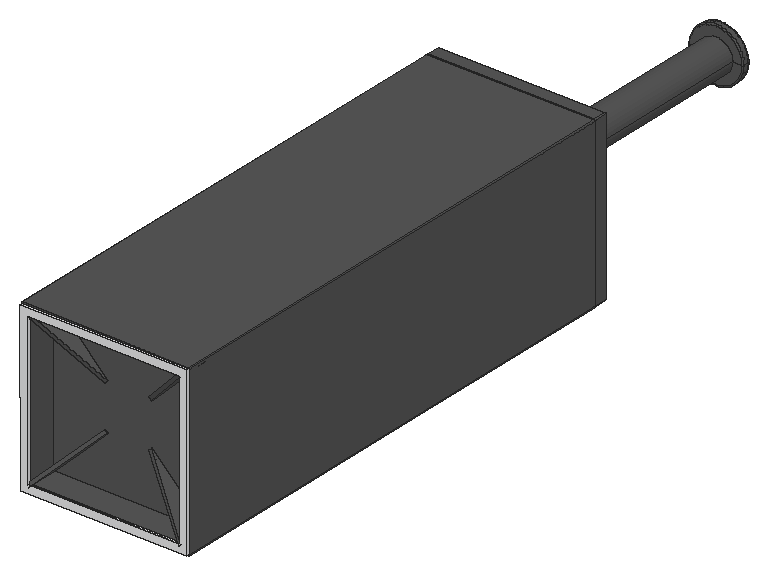
Revit family "Accessory-Toilet_Brush_Holder-KOHLER-Loure-K-11746T", category Specialty Equipment, host Face, Revit 2021
Family settings
  Host = Face
  Round Connector Dimension = Use Diameter
  Part Type = Normal
  OmniClass Number = 23.31.25.00
  OmniClass Title = Toilet and Bath Specialties
  Cut with Voids When Loaded = No
  Shared = No
  Room Calculation Point = No
Parameters (values of type "BL-Matte Black")
  Width = 3 19/128"  # constant formula
  WaterSense Certified = 1 = 0  # no
  URL = "http://www.kohler.com.cn/"
  Type = 1
  Product Page URL = ""
  Product Name = "Loure\r\n"  # constant formula
  Product Documentation Link = "https://files.kohler.com.cn/pdfs/k_11745t_47t_11582t_84t.pdf"
  Model = if(Type = 1, "K-11746T-BL", if(Type = 2, "K-11746T-BV", if(Type = 3, "K-11746T-CP", "NA")))  # "K-11746T-BL"
  Material = "Premium Metal Construction\r\n"  # constant formula
  Master Format 2014 Name = "Toilet, Bath, and Laundry Accessories"  # constant formula
  Master Format 2014 = "10 28 00"  # constant formula
  Manufacturer Address = "Kohler Beijing Office (100016) 36-2-03-B, No. 88, Liuxiang Road, Beijing"  # constant formula
  Manufacturer = "Kohler Co."  # constant formula
  Length = 3 75/256"  # constant formula
  Height = 14 57/128"  # constant formula
  Finish = Kohler-Metal-BL-Matte_Black
  Environmental Product Declaration = ""
  Description = "Toilet Brush Holder"  # constant formula
  Default Elevation = 42"
  Declare Label = ""
  Date Modified = "11/18/2022"  # constant formula
  Date Created = "11/18/2022"  # constant formula
  Copyright = "Copyright Kohler Co."  # constant formula
  Contact Us = "http://www.kohler.com.cn/contact/contact-us/"
  Assembly Code = "C1030200"
  ADA Compliant = 1 = 0  # no
Types (4): name | Type | Product Page URL | Model | Finish
  (no name) | 1 | "" | "K-11746T-BL" | Kohler-Metal-BL-Matte_Black
  BL-Matte Black | 1 | "" | "K-11746T-BL" | Kohler-Metal-BL-Matte_Black
  BV-Brushed Bronze | 2 | "" | "K-11746T-BV" | Kohler-Metal-BV-Brushed_Bronze
  CP-Polished Chrome | 3 | "https://www.kohler.com.cn/en/product/K-11746T-CP/K-11746T-CP/" | "K-11746T-CP" | Kohler-Metal-CP-Polished_Chrome
Reference planes (in)
  plane 1 "Center (Front/Back)": y = 0
  plane 2: z = 0
  plane 3 "Center (Left/Right)": x = 0
  plane 4: y = 14.44531
  plane 5: x = -1.5748
  plane 6: x = 1.57363
  plane 7: y = 9.80318
  plane 8: y = 9.82283
  plane 9: x = -0.51146
  plane 10: x = 0.31496
  plane 11: x = 0.31496
  plane 12: x = 0.51146
  plane 13: x = -0.31496
  plane 14: y = 9.5079
  plane 15: z = 1.71655
  plane 16: x = 0.3937
  plane 17: x = -0.3937
  plane 18: y = 8.7205
  plane 19: y = 7.9331
  plane 20: y = 8.3268
  plane 21: y = 2.81499
  plane 22: y = 2.42129
  plane 23: y = 2.02759
  plane 24: y = 14.31102
  plane 25: z = 3.29297
  plane 26: z = 0.14336
  plane 27: y = 7.22244
Dimensions and locks (in)
  "Height": plane 1 "Center (Front/Back)" to plane 4
  plane 1 "Center (Front/Back)" to plane 8 = 9.82283"
  plane 24 to plane 4 = 0.13429"
  "Length": level to plane 25
  plane 26 to plane 25 = 3.14961"
  "Width": plane 5 to plane 6
  plane 1 "Center (Front/Back)" to plane 27 = 7.22244"
  aligned and locked: plane 2 to host face
  aligned and locked: level to host face
Automatic sketch dimensions
  host sketch curve to host sketch curve = 96"  (x2)
Nested families (in)
  nested 1: "K-11746T" at (0, 0, 0), type "K-11746T"
Definition of nested family "K-11746T"
  Parameters (values of type "K-11746T")
    Material = none
    Default Elevation = 0"
    Bottom Cover = none
  Reference planes (in)
    plane 1 "Center (Front/Back)": y = 0
    plane 2: z = 0
    plane 3 "Center (Left/Right)": x = 0
    plane 4: x = -1.5748
    plane 5: x = 1.5748
    plane 6: y = 9.82283
    plane 7: y = 14.44488
    plane 8: y = 14.31102
    plane 9: y = 9.5079
    plane 10: y = 9.80312
    plane 11: y = 9.52759
    plane 12: y = 0.05908
    plane 13: x = -0.31496
    plane 14: x = 0.31496
    plane 15: x = -0.51146
    plane 16: x = 0.51146
    plane 17: z = 3.29136
    plane 18: z = 0.14175
    plane 19: z = 1.71655
    plane 20: x = 0.3937
    plane 21: x = -0.3937
    plane 22 "A": through (-1.37644, -180, 3.1349) normal (0.7071, 0, 0.7071)
    plane 23 "B": through (1.37554, -180, 3.1349) normal (0.7071, 0, -0.7071)
    plane 24: y = 9.66538
    plane 25: y = 2.02759
    plane 26: y = 2.81499
    plane 27: y = 2.42129
    plane 28: y = 7.9331
    plane 29: y = 8.7205
    plane 30: y = 8.3268
    plane 31: y = 5.37404
  Forms (in)
    Extrusion 1, solid, material <- "Material", detail levels medium+fine
      sketch origin (0, 0, 0) x (1, 0, 0) y (0, 0, 1)
        loop
          line (1.55512, 3.29136) -> (-1.55523, 3.29136)
          arc (-1.55523, 3.29136) -> (-1.56907, 3.28562) -> (-1.5748, 3.27178) r 0.01957
          line (-1.5748, 3.27178) -> (-1.5748, 0.16134)
          arc (-1.5748, 0.16134) -> (-1.56906, 0.14749) -> (-1.55521, 0.14175) r 0.0196
          line (-1.55521, 0.14175) -> (1.55512, 0.14175)
          arc (1.55512, 0.14175) -> (1.56904, 0.14752) -> (1.5748, 0.16143) r 0.01969
          line (1.5748, 0.16143) -> (1.5748, 3.27167)
          arc (1.5748, 3.27167) -> (1.56904, 3.28559) -> (1.55512, 3.29136) r 0.01969
      from -9.5079 to -0.05908
    Extrusion 2, solid, material <- "Bottom Cover", detail levels medium+fine
      sketch origin (0, 0, 0) x (1, 0, 0) y (0, 0, 1)
        loop
          line (-1.55509, 3.27166) -> (-1.55509, 0.16145) -> (1.55508, 0.16145) -> (1.55508, 3.27166) -> (-1.55509, 3.27166)
        loop
          line (-1.41832, 3.1349) -> (-1.41832, 0.29821) -> (1.41832, 0.29821) -> (1.41832, 3.1349) -> (-1.41832, 3.1349)
      from 0.00077 to -0.05908
    Extrusion 3, void
      sketch origin (0, 0, 0) x (1, 0, 0) y (0, 0, 1)
        loop
          line (-1.41832, 3.1349) -> (-1.41832, 0.29821) -> (1.52756, 0.29821) -> (1.52756, 3.1349) -> (-1.41832, 3.1349)
      from -0.5846 to 0.50841
    Extrusion 4, solid, material <- "Material", detail levels medium+fine
      sketch origin (0.88202, -0.00143, 0.87644) x (-0.707107, 0, 0.707107) y (0, -1, 0)
        loop
          line (3.23349, -0.00674) -> (1.80353, -0.58448) -> (1.75703, -1.11605) -> (3.2172, -0.58459) -> (3.26759, -0.39652) -> (3.23349, -0.00674)
      from -0.05989 to 0.00676
    Extrusion 5, solid, material <- "Material", detail levels medium+fine
      sketch origin (-0.88202, -0.00143, 0.87644) x (0.707107, 0, 0.707107) y (0, 1, 0)
        loop
          line (3.23349, 0.00674) -> (3.26759, 0.39652) -> (3.2172, 0.58459) -> (1.75703, 1.11605) -> (1.80353, 0.58448) -> (3.23349, 0.00674)
      from -0.05989 to 0.00676
    Extrusion 6, solid, material <- "Material", detail levels medium+fine
      sketch origin (-0.88202, -0.00143, 2.55667) x (0.707107, 0, -0.707107) y (0, -1, 0)
        loop
          line (3.23349, -0.00674) -> (1.80353, -0.58448) -> (1.75703, -1.11605) -> (3.2172, -0.58459) -> (3.26759, -0.39652) -> (3.23349, -0.00674)
      from -0.05989 to 0.00676
    Extrusion 7, solid, material <- "Material", detail levels medium+fine
      sketch origin (0.88202, -0.00143, 2.55667) x (-0.707107, 0, -0.707107) y (0, 1, 0)
        loop
          line (3.23349, 0.00674) -> (3.26759, 0.39652) -> (3.2172, 0.58459) -> (1.75703, 1.11605) -> (1.80353, 0.58448) -> (3.23349, 0.00674)
      from -0.05989 to 0.00676
    Extrusion 8, solid, material <- "Material", detail levels medium+fine
      sketch origin (0, 0, 0) x (1, 0, 0) y (0, 0, 1)
        loop
          line (1.5748, 0.16426) -> (1.5748, 3.26885) -> (1.5523, 3.29136) -> (-1.5523, 3.29136) -> (-1.5748, 3.26885) -> (-1.5748, 0.16426) -> (-1.5523, 0.14175) -> (1.5523, 0.14175) -> (1.5748, 0.16426)
      from -9.80318 to -9.5079
    Revolve 9, void
      sketch origin (0.00104, 0, 1.72623) x (1, 0, 0) y (0, 1, 0)
        loop
          line (-1.51575, 9.82286) -> (-1.48742, 9.79454) -> (-1.48742, 9.70474) -> (-0.00104, 9.70474) -> (-0.00104, 9.97025) -> (-1.51575, 9.97025) -> (-1.51575, 9.82286)
        axis (-0.00104, 9.70474) -> (-0.00104, 9.97025)
      angle from 0 to 360
    Revolve 10, solid, material <- "Material", detail levels medium+fine
      sketch origin (0, 0, 1.71654) x (1, 0, 0) y (0, 1, 0)
        loop
          line (0, 14.44488) -> (-0.49177, 14.44488)
          arc (-0.49177, 14.44488) -> (-0.50569, 14.43912) -> (-0.51146, 14.4252) r 0.01969
          line (-0.51146, 14.4252) -> (-0.51146, 14.33071)
          arc (-0.51146, 14.33071) -> (-0.50569, 14.31679) -> (-0.49177, 14.31102) r 0.01969
          line (-0.49177, 14.31102) -> (-0.31461, 14.31102) -> (-0.31461, 9.78349) -> (-1.44439, 9.78349) -> (-1.47638, 9.76381) -> (-1.47638, 9.72444) -> (-1.44228, 9.70475) -> (-1.35764, 9.70475) -> (-1.35764, 9.62601) -> (0, 9.62601) -> (0, 14.44488)
        axis (0, 9.62601) -> (0, 14.44488)
      angle from 0 to 360
    Sweep 11, void
      path origin (0, 0, 0) x (1, 0, 0) y (0, 0, 1)
        loop
          line (1.55512, 3.27167) -> (-1.55512, 3.27167) -> (-1.55512, 0.16143) -> (1.55512, 0.16143) -> (1.55512, 3.27167)
      profile origin (0, 0, 3.27167) x (0, 0, -1) y (0, -1, 0)
        loop
          line (0, -9.5079) -> (-0.03193, -9.5079) -> (-0.03193, -9.53983) -> (0, -9.5079)
    Sweep 12, void
      path origin (0, 0, 0) x (1, 0, 0) y (0, 0, 1)
        loop
          line (1.5748, 3.29136) -> (-1.5748, 3.29136) -> (-1.5748, 0.14175) -> (1.5748, 0.14175) -> (1.5748, 3.29136)
      profile origin (0, 0, 3.29136) x (0, 0, -1) y (0, -1, 0)
        loop
          line (0.03968, -9.82286) -> (-0.0171, -9.76608) -> (-0.0171, -9.82286) -> (0.03968, -9.82286)
    Revolve 13, solid, material <- "Material", detail levels medium+fine
      sketch origin (0, 0, 0) x (0, 1, 0) y (0, 0, 1)
        loop
          line (2.42129, 0.00002) -> (2.42129, 0.14175) -> (2.13537, 0.14175) -> (2.02759, 0.11813) -> (2.02759, 0.0197) -> (2.0557, 0.00002) -> (2.42129, 0.00002)
        axis (2.42129, 0.00002) -> (2.42129, 0.14175)
      angle from 0 to 360
    Revolve 14, solid, material <- "Material", detail levels medium+fine
      sketch origin (0, 5.90551, 0) x (0, 1, 0) y (0, 0, 1)
        loop
          line (2.42129, 0.00002) -> (2.42129, 0.14175) -> (2.13537, 0.14175) -> (2.02759, 0.11813) -> (2.02759, 0.0197) -> (2.0557, 0.00002) -> (2.42129, 0.00002)
        axis (2.42129, 0.00002) -> (2.42129, 0.14175)
      angle from 0 to 360
    Extrusion 15, void
      sketch origin (0, 0, 0) x (1, 0, 0) y (0, 0, 1)
        loop
          line (-1.41832, 3.1349) -> (-1.41832, 0.29821) -> (1.41832, 0.29821) -> (1.41832, 3.1349) -> (-1.41832, 3.1349)
      from -9.5079 to -0.75561
    Extrusion 16, void
      sketch origin (0, 0, 0) x (1, 0, 0) y (0, 1, 0)
        loop
          arc (-0.25591, 2.07707) -> (0, 1.10365) -> (0.25591, 2.07707) r 0.52035
          line (0.25591, 2.07707) -> (0.25591, 2.42129)
          arc (0.25591, 2.42129) -> (0, 2.67719) -> (-0.25591, 2.42129) r 0.25591
          line (-0.25591, 2.42129) -> (-0.25591, 2.07707)
      from 0.14175 to 0.48138
    Extrusion 17, void
      sketch origin (0, 5.92028, 0) x (-1, 0, 0) y (0, -1, 0)
        loop
          line (-0.25591, -2.07707) -> (-0.25591, -2.42129)
          arc (-0.25591, -2.42129) -> (0, -2.67719) -> (0.25591, -2.42129) r 0.25591
          line (0.25591, -2.42129) -> (0.25591, -2.07707)
          arc (0.25591, -2.07707) -> (0, -1.10365) -> (-0.25591, -2.07707) r 0.52035
      from 0.14175 to 0.35206
    Revolve 18, solid, material <- "Material", detail levels medium+fine
      sketch origin (0, 0, 1.75095) x (1, 0, 0) y (0, 1, 0)
        loop
          line (0, 9.30613) -> (-1.37795, 9.30613) -> (-1.37795, 2.02759)
          arc (-1.37795, 2.02759) -> (-0.9714, 1.0698) -> (0, 0.69691) r 1.33148
          line (0, 0.69691) -> (0, 9.30613)
        axis (0, 0.69691) -> (0, 9.30613)
      angle from 0 to 360
    Extrusion 19, void
      sketch origin (0, 0, 0) x (1, 0, 0) y (0, 1, 0)
        loop
          circle (0, 8.3268) r 0.09843
        loop
          circle (0, 2.42129) r 0.09843
      from -0.15758 to 0.0197
    Revolve 20, solid, material <- "Material", detail levels medium+fine
      sketch origin (0, 0, 0) x (0, 1, 0) y (0, 0, 1)
        loop
          line (2.42129, 0.29923) -> (2.02759, 0.29923) -> (2.02759, 0.22268) -> (2.24183, 0.22268) -> (2.24183, 0.15356) -> (2.42129, 0.15356) -> (2.42129, 0.29923)
        axis (2.42129, 0.15356) -> (2.42129, 0.29923)
      angle from 0 to 360
    Revolve 21, solid, material <- "Material", detail levels medium+fine
      sketch origin (0, 10.74809, 0) x (0, -1, 0) y (0, 0, -1)
        loop
          line (2.42129, -0.29923) -> (2.42129, -0.15356) -> (2.24183, -0.15356) -> (2.24183, -0.22268) -> (2.02759, -0.22268) -> (2.02759, -0.29923) -> (2.42129, -0.29923)
        axis (2.42129, -0.15356) -> (2.42129, -0.29923)
      angle from 0 to 360
    Extrusion 22, solid, material <- "Material", detail levels coarse
      sketch origin (0, 0, 0) x (0, 1, 0) y (0, 0, 1)
        loop
          line (9.82283, 3.29136) -> (0, 3.29136) -> (0, 0.14175) -> (9.82283, 0.14175) -> (9.82283, 3.29136)
      from -1.5748 to 1.5748
    Revolve 23, solid, material <- "Material", detail levels coarse
      sketch origin (0, -0.0074, 1.71655) x (1, 0, 0) y (0, 1, 0)
        loop
          line (-0.31496, 9.82283) -> (0, 9.82283) -> (0, 14.44488) -> (-0.51181, 14.44488) -> (-0.51181, 14.31105) -> (-0.31496, 14.31105) -> (-0.31496, 9.82283)
        axis (0, 9.82283) -> (0, 14.44488)
      angle from 0 to 360
    Extrusion 24, solid, material <- "Material", detail levels coarse
      sketch origin (0, 0, 0) x (1, 0, 0) y (0, 1, 0)
        loop
          circle (0, 8.3268) r 0.3937
        loop
          circle (0, 2.42129) r 0.3937
      from 0 to 2.18258
  Cuts and joins
    Extrusion 3, Sweep 11, Extrusion 15, Extrusion 16, Extrusion 17 cuts Extrusion 1
    Revolve 9, Sweep 11, Sweep 12 cuts Extrusion 8
    Extrusion 15 cuts Extrusion 2
    Extrusion 17, Extrusion 19 cuts Revolve 13
    Extrusion 19 cuts Revolve 14
  Lines and regions (in)
    Masking region 1
      outline origin (0, 0, 0) x (1, 0, 0) y (0, 0, 1)
        loop
          line (1.5748, 0.16143) -> (1.5748, 3.27167)
          arc (1.5748, 3.27167) -> (1.56904, 3.28559) -> (1.55512, 3.29136) r 0.01969
          line (1.55512, 3.29136) -> (-1.55523, 3.29136)
          arc (-1.55523, 3.29136) -> (-1.56907, 3.28562) -> (-1.5748, 3.27178) r 0.01957
          line (-1.5748, 3.27178) -> (-1.5748, 0.16134)
          arc (-1.5748, 0.16134) -> (-1.56906, 0.14749) -> (-1.55521, 0.14175) r 0.0196
          line (-1.55521, 0.14175) -> (-0.29248, 0.14175) -> (-0.3937, 0.11813) -> (-0.3937, 0.01926) -> (-0.36033, 0) -> (-0.00035, 0) -> (0.36033, 0) -> (0.3937, 0.01926) -> (0.3937, 0.11813) -> (0.29248, 0.14175) -> (1.55512, 0.14175)
          arc (1.55512, 0.14175) -> (1.56904, 0.14752) -> (1.5748, 0.16143) r 0.01969
    Masking region 2
      outline origin (0, 0, 0) x (0, 1, 0) y (0, 0, 1)
        loop
          line (9.66538, 0.14175) -> (9.80318, 0.14175) -> (9.82283, 0.16982) -> (9.82283, 1.40246) -> (14.31102, 1.40246) -> (14.31102, 1.22529)
          arc (14.31102, 1.22529) -> (14.31679, 1.21137) -> (14.33071, 1.20561) r 0.01969
          line (14.33071, 1.20561) -> (14.4252, 1.20561)
          arc (14.4252, 1.20561) -> (14.43912, 1.21137) -> (14.44488, 1.22529) r 0.01969
          line (14.44488, 1.22529) -> (14.44488, 1.71655) -> (14.44488, 2.20781)
          arc (14.44488, 2.20781) -> (14.43912, 2.22173) -> (14.4252, 2.2275) r 0.01969
          line (14.4252, 2.2275) -> (14.33071, 2.2275)
          arc (14.33071, 2.2275) -> (14.31679, 2.22173) -> (14.31102, 2.20781) r 0.01969
          line (14.31102, 2.20781) -> (14.31102, 2.03065) -> (9.82283, 2.03065) -> (9.82283, 3.26328) -> (9.80318, 3.29136) -> (9.66538, 3.29136) -> (0.05908, 3.29136) -> (0.05908, 3.25885) -> (-0.00018, 3.25885) -> (-0.00018, 1.71758) -> (-0.00018, 0.17425) -> (0.05908, 0.17425) -> (0.05908, 0.14175) -> (2.13537, 0.14175) -> (2.02759, 0.11813) -> (2.02759, 0.0197) -> (2.06171, 0) -> (2.42199, 0) -> (2.78086, 0) -> (2.81499, 0.0197) -> (2.81499, 0.11813) -> (2.7072, 0.14175) -> (8.04088, 0.14175) -> (7.9331, 0.11813) -> (7.9331, 0.0197) -> (7.96722, 0) -> (8.3261, 0) -> (8.68637, 0) -> (8.7205, 0.0197) -> (8.7205, 0.11813) -> (8.61271, 0.14175) -> (9.66538, 0.14175)
    Masking region 3
      outline origin (0, 0, 0) x (1, 0, 0) y (0, 1, 0)
        loop
          line (0, 0) -> (1.53979, 0) -> (1.53979, 0.05923) -> (1.5748, 0.05923) -> (1.5748, 9.5079) -> (1.54313, 9.5079) -> (1.5748, 9.52759) -> (1.5748, 9.80318) -> (1.54669, 9.82286) -> (0.31496, 9.82286) -> (0.31496, 14.31105) -> (0.49177, 14.31105)
          arc (0.49177, 14.31105) -> (0.50569, 14.31682) -> (0.51146, 14.33074) r 0.01969
          line (0.51146, 14.33074) -> (0.51146, 14.4252)
          arc (0.51146, 14.4252) -> (0.50569, 14.43912) -> (0.49177, 14.44488) r 0.01969
          line (0.49177, 14.44488) -> (0, 14.44488) -> (-0.49182, 14.44488)
          arc (-0.49182, 14.44488) -> (-0.50571, 14.43913) -> (-0.51146, 14.42524) r 0.01964
          line (-0.51146, 14.42524) -> (-0.51146, 14.33085)
          arc (-0.51146, 14.33085) -> (-0.50566, 14.31685) -> (-0.49166, 14.31105) r 0.0198
          line (-0.49166, 14.31105) -> (-0.31496, 14.31105) -> (-0.31496, 9.82286) -> (-1.54669, 9.82286) -> (-1.5748, 9.80318) -> (-1.5748, 9.52759) -> (-1.54313, 9.5079) -> (-1.5748, 9.5079) -> (-1.5748, 0.05923) -> (-1.53979, 0.05923) -> (-1.53979, 0) -> (0, 0)
    symbolic lines, detail levels medium+fine
      curve 1: line (-0.51146, 14.42524, 0) -> (0.51041, 14.42524, 0)
      curve 2: line (-0.51146, 14.33085, 0) -> (0.51146, 14.33085, 0)
      curve 3: line (-0.31496, 14.31105, 0) -> (0.31496, 14.31105, 0)
      curve 4: line (-1.55512, 9.80318, 0) -> (1.55512, 9.80318, 0)
      curve 5: line (1.55512, 9.80318, 0) -> (1.55512, 9.52759, 0)
      curve 6: line (1.55512, 9.52759, 0) -> (-1.55512, 9.52759, 0)
      curve 7: line (-1.55512, 9.52759, 0) -> (-1.55512, 9.80318, 0)
      curve 8: line (-1.5748, 0.05908, 0) -> (1.5748, 0.05908, 0)
      curve 9: circle (0, 0, 1.71655) r 0.51146 normal (0, -1, 0)
      curve 10: circle (0, 0, 1.71655) r 1.44228 normal (0, -1, 0)
      curve 11: circle (0, 0, 1.71655) r 1.49499 normal (0, -1, 0)
      curve 12: circle (0, 0, 1.71655) r 1.48635 normal (0, -1, 0)
      curve 13: circle (0, 0, 1.71655) r 1.45846 normal (0, -1, 0)
      curve 14: circle (0, 0, 1.71655) r 0.31459 normal (0, -1, 0)
      curve 15: line (1.55508, 0, 3.27166) -> (-1.55509, 0, 3.27166)
      curve 16: line (1.55508, 0, 0.16145) -> (1.55508, 0, 3.27166)
      curve 17: line (-1.55509, 0, 0.16145) -> (1.55508, 0, 0.16145)
      curve 18: line (-1.55509, 0, 3.27166) -> (-1.55509, 0, 0.16145)
      curve 19: line (0.3937, 0, 0.02112) -> (-0.3937, 0, 0.02112)
      curve 20: line (0.3937, 0, 0.11644) -> (-0.3937, 0, 0.11644)
      curve 21: line (0.28592, 0, 0.14175) -> (-0.28592, 0, 0.14175)
      curve 22: line (0, 2.13043, 0.14175) -> (0, 2.72098, 0.14175)
      curve 23: line (0, 2.02759, 0.11813) -> (0, 2.81499, 0.11813)
      curve 24: line (0, 2.02759, 0.0197) -> (0, 2.81499, 0.0197)
      curve 25: line (0, 8.03659, 0.14175) -> (0, 8.62715, 0.14175)
      curve 26: line (0, 7.9331, 0.11813) -> (0, 8.7205, 0.11813)
      curve 27: line (0, 7.9331, 0.0197) -> (0, 8.7205, 0.0197)
      curve 28: line (0, 0.05908, 3.27166) -> (0, 0.05908, 0.14175)
      curve 29: line (0, 14.32834, 2.22796) -> (0, 14.32834, 1.20516)
      curve 30: line (0, 14.42715, 2.22796) -> (0, 14.42715, 1.20516)
      curve 31: line (0, 9.52759, 3.26885) -> (0, 9.78318, 3.26885)
      curve 32: line (0, 9.78318, 3.26885) -> (0, 9.78318, 0.16426)
      curve 33: line (0, 9.78318, 0.16426) -> (0, 9.52759, 0.16426)
      curve 34: line (0, 9.52759, 0.16426) -> (0, 9.52759, 3.26885)
      curve 35: line (0, 9.5079, 3.29136) -> (0, 9.5079, 0.14175)
      curve 36: line (0, 9.80318, 3.29136) -> (0, 9.80318, 0.14175)
      curve 37: line (0, 14.31102, 1.40193) -> (0, 14.31102, 2.03545)
      curve 38: line (0, 9.82283, 1.40246) -> (0, 9.82283, 2.03036)
      curve 39: line (0, 9.78318, 3.29136) -> (0, 9.80318, 3.26753)
      curve 40: line (0, 9.52759, 3.29136) -> (0, 9.5079, 3.26324)
      curve 41: line (0, 9.80318, 0.16174) -> (0, 9.77935, 0.14175)
      curve 42: line (0, 9.52759, 0.14175) -> (0, 9.5079, 0.16986)
      curve 43: line (-1.54313, 9.5079, 0) -> (1.54313, 9.5079, 0)
  Dimensions and locks (in)
    aligned and locked: plane 2 to level
